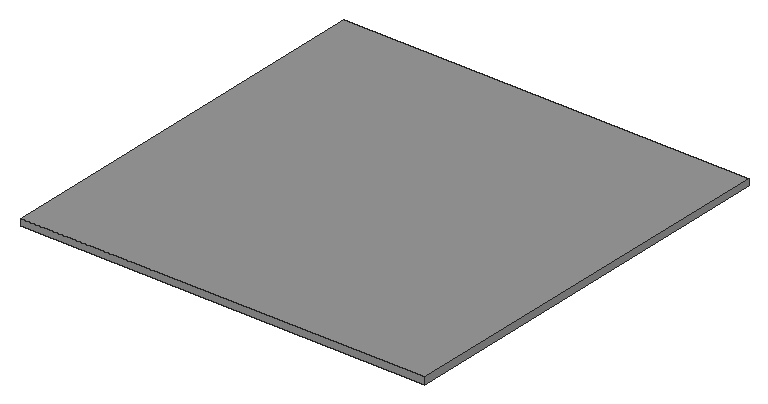
Revit family "VOY1_63_UN_Inlay LED_ETK", category Lighting Fixtures, Revit 2017
Family settings
  Round Connector Dimension = Use Diameter
  Part Type = Normal
  OmniClass Number = 23.80.70.11.14.11
  OmniClass Title = Downlights
  Work Plane-Based = No
  Always vertical = Yes
  Cut with Voids When Loaded = No
  Light Source = No
  Shared = No
  Room Calculation Point = Yes
Parameters (values of type "VOY.1213.10 - 34W / 3800lm / 4000K")
  Wattage Comments = "34W"
  Voltage = 230 V
  URL = "https://www.etk.nl/media/wysiwyg/files/VOY.1.pdf"
  Symbol_Emergency Lighting [instance] = no
  Switch Code [instance] = ""
  Model = "VOY.1"
  Manufacturer = "ETK licht B.V."
  Luminaire_Body_Material = PPS Plastic
  Luminaire Code [instance] = ""
  Light Source = VOY.1 - Lightsource : VOY.1213.10 - 34W / 3800lm / 4000K
  Lamp = "LED"
  IfcExportType = "USERDEFINED"
  IfcExportAs = "IfcLightFixtureType"
  Description = "Recessed/inlay LED"
  Copyright © IVLighting = "www.ivlighting.nl"
  Bundle = "85°"
  Assembly Code = "63.0"
  Apparent Load = 34 VA
Types (5, lengths in mm): name | Light Source
  (no name) | VOY.1 - Lightsource : VOY.1213.10 - 34W / 3800lm / 4000K
  VOY.1110.10 - 34W / 3700lm / 3000K | VOY.1 - Lightsource : VOY.1110.10 - 34W / 3700lm / 3000K
  VOY.1113.10 - 34W / 3700lm / 3000K | VOY.1 - Lightsource : VOY.1113.10 - 34W / 3700lm / 3000K
  VOY.1210.10 - 34W / 3800lm / 4000K | VOY.1 - Lightsource : VOY.1210.10 - 34W / 3800lm / 4000K
  VOY.1213.10 - 34W / 3800lm / 4000K | VOY.1 - Lightsource : VOY.1213.10 - 34W / 3800lm / 4000K
Reference planes
  plane 1 "Center (Front/Back)": y = 0
  plane 2: z = 0
  plane 3 "Center (Left/Right)": x = 0
  plane 4: y = 297.5
  plane 5: x = 297.5
  plane 6: y = -297.5
  plane 7: x = -297.5
  plane 8: z = 10
Forms (mm)
  Revolve 1, solid, material "PPS Plastic", not visible
    sketch origin (0, 0, 0) x (1, 0, 0) y (0, 0, 1)
      loop
        line (-108.916, 0) -> (-108.916, -4.099)
        arc (-108.916, -4.099) -> (-108.406, -4.931) -> (-107.486, -5.258) r 1.461
        line (-107.486, -5.258) -> (-97.804, -5.258) -> (-97.804, 0) -> (-108.916, 0)
      axis (0, 0) -> (0, -5.258)
    angle from 0 to 360
  Revolve 2, solid, material "PPS Plastic" <- "Luminaire_Body_Material", not visible
    sketch origin (0, 0, 0) x (1, 0, 0) y (0, 0, 1)
      loop
        line (-98.741, 0) -> (-97.8, 0) -> (-97.8, 10.593) -> (-90.959, 10.593) -> (-90.959, 14.711) -> (-83.412, 14.711) -> (-83.412, 30.415)
        arc (-83.412, 30.415) -> (-77.825, 42.741) -> (-69.855, 53.677) r 66.418
        line (-69.855, 53.677) -> (-69.855, 60.129) -> (-63.553, 60.129) -> (0, 60.129) -> (0, 61.129) -> (-63.553, 61.129) -> (-69.836, 61.129)
        arc (-69.836, 61.129) -> (-70.557, 60.83) -> (-70.855, 60.109) r 1.02
        line (-70.855, 60.109) -> (-70.855, 54.484)
        arc (-70.855, 54.484) -> (-70.927, 54.088) -> (-71.134, 53.743) r 1.124
        arc (-71.134, 53.743) -> (-77.774, 44.767) -> (-82.842, 34.818) r 67.418
        arc (-82.842, 34.818) -> (-84.016, 30.901) -> (-84.412, 26.83) r 21.103
        line (-84.412, 26.83) -> (-84.412, 16.663)
        arc (-84.412, 16.663) -> (-84.691, 15.989) -> (-85.364, 15.711) r 0.952
        line (-85.364, 15.711) -> (-91.959, 15.711) -> (-91.959, 12.616)
        arc (-91.959, 12.616) -> (-92.258, 11.893) -> (-92.981, 11.593) r 1.022
        line (-92.981, 11.593) -> (-97.697, 11.593)
        arc (-97.697, 11.593) -> (-98.435, 11.287) -> (-98.741, 10.549) r 1.045
        line (-98.741, 10.549) -> (-98.741, 0)
      axis (0, 61.129) -> (0, 0)
    angle from 0 to 360
  Revolve 3, solid, material "PPS Plastic" <- "Luminaire_Body_Material", not visible
    sketch origin (0, 0, 0) x (1, 0, 0) y (0, 0, 1)
      loop
        arc (-36.339, 86.471) -> (-49.965, 76.024) -> (-61.793, 63.579) r 109.701
        arc (-61.793, 63.579) -> (-62.487, 62.326) -> (-62.707, 60.91) r 4.094
        line (-62.707, 60.91) -> (0, 60.91) -> (0, 86.471) -> (-36.339, 86.471)
      axis (0, 86.471) -> (0, 60.91)
    angle from 0 to 360
  Extrusion 4, solid, material "PPS Plastic" <- "Luminaire_Body_Material", not visible
    sketch origin (0, 0, 0) x (1, 0, 0) y (0, 1, 0)
      loop
        circle (0, 0) r 45
    from 86.471 to 87.3
  Extrusion 5, solid, material "UHMW, Black", not visible
    sketch origin (0, 0, 195.137) x (-1, 0, 0) y (0, -1, 0)
      loop
        line (-0.938, -10.632) -> (-0.938, -44.99)
        arc (-0.938, -44.99) -> (0, -45) -> (0.938, -44.99) r 45
        line (0.938, -44.99) -> (0.938, -10.681)
        arc (0.938, -10.681) -> (0, -10.671) -> (-0.938, -10.632) r 29.304
    from -107.837 to -82.548
  Extrusion 6, solid, material "UHMW, Black", not visible
    sketch origin (0, 0, 195.137) x (-0.978148, -0.207912, 0) y (0.207912, -0.978148, 0)
      loop
        line (-0.938, -10.632) -> (-0.938, -44.99)
        arc (-0.938, -44.99) -> (0, -45) -> (0.938, -44.99) r 45
        line (0.938, -44.99) -> (0.938, -10.681)
        arc (0.938, -10.681) -> (0, -10.671) -> (-0.938, -10.632) r 29.304
    from -107.837 to -82.548
  Extrusion 7, solid, material "UHMW, Black", not visible
    sketch origin (0, 0, 195.137) x (-0.978148, 0.207912, 0) y (-0.207912, -0.978148, 0)
      loop
        line (-0.938, -10.632) -> (-0.938, -44.99)
        arc (-0.938, -44.99) -> (0, -45) -> (0.938, -44.99) r 45
        line (0.938, -44.99) -> (0.938, -10.681)
        arc (0.938, -10.681) -> (0, -10.671) -> (-0.938, -10.632) r 29.304
    from -107.837 to -82.548
  Extrusion 8, solid, material "UHMW, Black", not visible
    sketch origin (0, 0, 195.137) x (-0.913545, 0.406737, 0) y (-0.406737, -0.913545, 0)
      loop
        line (-0.938, -10.632) -> (-0.938, -44.99)
        arc (-0.938, -44.99) -> (0, -45) -> (0.938, -44.99) r 45
        line (0.938, -44.99) -> (0.938, -10.681)
        arc (0.938, -10.681) -> (0, -10.671) -> (-0.938, -10.632) r 29.304
    from -107.837 to -82.548
  Extrusion 9, solid, material "UHMW, Black", not visible
    sketch origin (0, 0, 195.137) x (-0.809017, 0.587785, 0) y (-0.587785, -0.809017, 0)
      loop
        line (-0.938, -10.632) -> (-0.938, -44.99)
        arc (-0.938, -44.99) -> (0, -45) -> (0.938, -44.99) r 45
        line (0.938, -44.99) -> (0.938, -10.681)
        arc (0.938, -10.681) -> (0, -10.671) -> (-0.938, -10.632) r 29.304
    from -107.837 to -82.548
  Extrusion 10, solid, material "UHMW, Black", not visible
    sketch origin (0, 0, 195.137) x (-0.669131, 0.743145, 0) y (-0.743145, -0.669131, 0)
      loop
        line (-0.938, -10.632) -> (-0.938, -44.99)
        arc (-0.938, -44.99) -> (0, -45) -> (0.938, -44.99) r 45
        line (0.938, -44.99) -> (0.938, -10.681)
        arc (0.938, -10.681) -> (0, -10.671) -> (-0.938, -10.632) r 29.304
    from -107.837 to -82.548
  Extrusion 11, solid, material "UHMW, Black", not visible
    sketch origin (0, 0, 195.137) x (-0.5, 0.866025, 0) y (-0.866025, -0.5, 0)
      loop
        line (-0.938, -10.632) -> (-0.938, -44.99)
        arc (-0.938, -44.99) -> (0, -45) -> (0.938, -44.99) r 45
        line (0.938, -44.99) -> (0.938, -10.681)
        arc (0.938, -10.681) -> (0, -10.671) -> (-0.938, -10.632) r 29.304
    from -107.837 to -82.548
  Extrusion 12, solid, material "UHMW, Black", not visible
    sketch origin (0, 0, 195.137) x (-0.309017, 0.951057, 0) y (-0.951057, -0.309017, 0)
      loop
        line (-0.938, -10.632) -> (-0.938, -44.99)
        arc (-0.938, -44.99) -> (0, -45) -> (0.938, -44.99) r 45
        line (0.938, -44.99) -> (0.938, -10.681)
        arc (0.938, -10.681) -> (0, -10.671) -> (-0.938, -10.632) r 29.304
    from -107.837 to -82.548
  Extrusion 13, solid, material "UHMW, Black", not visible
    sketch origin (0, 0, 195.137) x (-0.104528, 0.994522, 0) y (-0.994522, -0.104528, 0)
      loop
        line (-0.938, -10.632) -> (-0.938, -44.99)
        arc (-0.938, -44.99) -> (0, -45) -> (0.938, -44.99) r 45
        line (0.938, -44.99) -> (0.938, -10.681)
        arc (0.938, -10.681) -> (0, -10.671) -> (-0.938, -10.632) r 29.304
    from -107.837 to -82.548
  Extrusion 14, solid, material "UHMW, Black", not visible
    sketch origin (0, 0, 195.137) x (0.104528, 0.994522, 0) y (-0.994522, 0.104528, 0)
      loop
        line (-0.938, -10.632) -> (-0.938, -44.99)
        arc (-0.938, -44.99) -> (0, -45) -> (0.938, -44.99) r 45
        line (0.938, -44.99) -> (0.938, -10.681)
        arc (0.938, -10.681) -> (0, -10.671) -> (-0.938, -10.632) r 29.304
    from -107.837 to -82.548
  Extrusion 15, solid, material "UHMW, Black", not visible
    sketch origin (0, 0, 195.137) x (0.309017, 0.951057, 0) y (-0.951057, 0.309017, 0)
      loop
        line (-0.938, -10.632) -> (-0.938, -44.99)
        arc (-0.938, -44.99) -> (0, -45) -> (0.938, -44.99) r 45
        line (0.938, -44.99) -> (0.938, -10.681)
        arc (0.938, -10.681) -> (0, -10.671) -> (-0.938, -10.632) r 29.304
    from -107.837 to -82.548
  Extrusion 16, solid, material "UHMW, Black", not visible
    sketch origin (0, 0, 195.137) x (0.5, 0.866025, 0) y (-0.866025, 0.5, 0)
      loop
        line (-0.938, -10.632) -> (-0.938, -44.99)
        arc (-0.938, -44.99) -> (0, -45) -> (0.938, -44.99) r 45
        line (0.938, -44.99) -> (0.938, -10.681)
        arc (0.938, -10.681) -> (0, -10.671) -> (-0.938, -10.632) r 29.304
    from -107.837 to -82.548
  Extrusion 17, solid, material "UHMW, Black", not visible
    sketch origin (0, 0, 195.137) x (0.669131, 0.743145, 0) y (-0.743145, 0.669131, 0)
      loop
        line (-0.938, -10.632) -> (-0.938, -44.99)
        arc (-0.938, -44.99) -> (0, -45) -> (0.938, -44.99) r 45
        line (0.938, -44.99) -> (0.938, -10.681)
        arc (0.938, -10.681) -> (0, -10.671) -> (-0.938, -10.632) r 29.304
    from -107.837 to -82.548
  Extrusion 18, solid, material "UHMW, Black", not visible
    sketch origin (0, 0, 195.137) x (0.809017, 0.587785, 0) y (-0.587785, 0.809017, 0)
      loop
        line (-0.938, -10.632) -> (-0.938, -44.99)
        arc (-0.938, -44.99) -> (0, -45) -> (0.938, -44.99) r 45
        line (0.938, -44.99) -> (0.938, -10.681)
        arc (0.938, -10.681) -> (0, -10.671) -> (-0.938, -10.632) r 29.304
    from -107.837 to -82.548
  Extrusion 19, solid, material "UHMW, Black", not visible
    sketch origin (0, 0, 195.137) x (0.913545, 0.406737, 0) y (-0.406737, 0.913545, 0)
      loop
        line (-0.938, -10.632) -> (-0.938, -44.99)
        arc (-0.938, -44.99) -> (0, -45) -> (0.938, -44.99) r 45
        line (0.938, -44.99) -> (0.938, -10.681)
        arc (0.938, -10.681) -> (0, -10.671) -> (-0.938, -10.632) r 29.304
    from -107.837 to -82.548
  Extrusion 20, solid, material "UHMW, Black", not visible
    sketch origin (0, 0, 195.137) x (0.978148, 0.207912, 0) y (-0.207912, 0.978148, 0)
      loop
        line (-0.938, -10.632) -> (-0.938, -44.99)
        arc (-0.938, -44.99) -> (0, -45) -> (0.938, -44.99) r 45
        line (0.938, -44.99) -> (0.938, -10.681)
        arc (0.938, -10.681) -> (0, -10.671) -> (-0.938, -10.632) r 29.304
    from -107.837 to -82.548
  Extrusion 21, solid, material "UHMW, Black", not visible
    sketch origin (0, 0, 195.137) x (1, 0, 0) y (0, 1, 0)
      loop
        line (-0.938, -10.632) -> (-0.938, -44.99)
        arc (-0.938, -44.99) -> (0, -45) -> (0.938, -44.99) r 45
        line (0.938, -44.99) -> (0.938, -10.681)
        arc (0.938, -10.681) -> (0, -10.671) -> (-0.938, -10.632) r 29.304
    from -107.837 to -82.548
  Extrusion 22, solid, material "UHMW, Black", not visible
    sketch origin (0, 0, 195.137) x (0.978148, -0.207912, 0) y (0.207912, 0.978148, 0)
      loop
        line (-0.938, -10.632) -> (-0.938, -44.99)
        arc (-0.938, -44.99) -> (0, -45) -> (0.938, -44.99) r 45
        line (0.938, -44.99) -> (0.938, -10.681)
        arc (0.938, -10.681) -> (0, -10.671) -> (-0.938, -10.632) r 29.304
    from -107.837 to -82.548
  Extrusion 23, solid, material "UHMW, Black", not visible
    sketch origin (0, 0, 195.137) x (0.913545, -0.406737, 0) y (0.406737, 0.913545, 0)
      loop
        line (-0.938, -10.632) -> (-0.938, -44.99)
        arc (-0.938, -44.99) -> (0, -45) -> (0.938, -44.99) r 45
        line (0.938, -44.99) -> (0.938, -10.681)
        arc (0.938, -10.681) -> (0, -10.671) -> (-0.938, -10.632) r 29.304
    from -107.837 to -82.548
  Extrusion 24, solid, material "UHMW, Black", not visible
    sketch origin (0, 0, 195.137) x (0.809017, -0.587785, 0) y (0.587785, 0.809017, 0)
      loop
        line (-0.938, -10.632) -> (-0.938, -44.99)
        arc (-0.938, -44.99) -> (0, -45) -> (0.938, -44.99) r 45
        line (0.938, -44.99) -> (0.938, -10.681)
        arc (0.938, -10.681) -> (0, -10.671) -> (-0.938, -10.632) r 29.304
    from -107.837 to -82.548
  Extrusion 25, solid, material "UHMW, Black", not visible
    sketch origin (0, 0, 195.137) x (0.669131, -0.743145, 0) y (0.743145, 0.669131, 0)
      loop
        line (-0.938, -10.632) -> (-0.938, -44.99)
        arc (-0.938, -44.99) -> (0, -45) -> (0.938, -44.99) r 45
        line (0.938, -44.99) -> (0.938, -10.681)
        arc (0.938, -10.681) -> (0, -10.671) -> (-0.938, -10.632) r 29.304
    from -107.837 to -82.548
  Extrusion 26, solid, material "UHMW, Black", not visible
    sketch origin (0, 0, 195.137) x (0.5, -0.866025, 0) y (0.866025, 0.5, 0)
      loop
        line (-0.938, -10.632) -> (-0.938, -44.99)
        arc (-0.938, -44.99) -> (0, -45) -> (0.938, -44.99) r 45
        line (0.938, -44.99) -> (0.938, -10.681)
        arc (0.938, -10.681) -> (0, -10.671) -> (-0.938, -10.632) r 29.304
    from -107.837 to -82.548
  Extrusion 27, solid, material "UHMW, Black", not visible
    sketch origin (0, 0, 195.137) x (0.309017, -0.951057, 0) y (0.951057, 0.309017, 0)
      loop
        line (-0.938, -10.632) -> (-0.938, -44.99)
        arc (-0.938, -44.99) -> (0, -45) -> (0.938, -44.99) r 45
        line (0.938, -44.99) -> (0.938, -10.681)
        arc (0.938, -10.681) -> (0, -10.671) -> (-0.938, -10.632) r 29.304
    from -107.837 to -82.548
  Extrusion 28, solid, material "UHMW, Black", not visible
    sketch origin (0, 0, 195.137) x (0.104528, -0.994522, 0) y (0.994522, 0.104528, 0)
      loop
        line (-0.938, -10.632) -> (-0.938, -44.99)
        arc (-0.938, -44.99) -> (0, -45) -> (0.938, -44.99) r 45
        line (0.938, -44.99) -> (0.938, -10.681)
        arc (0.938, -10.681) -> (0, -10.671) -> (-0.938, -10.632) r 29.304
    from -107.837 to -82.548
  Extrusion 29, solid, material "UHMW, Black", not visible
    sketch origin (0, 0, 195.137) x (-0.104528, -0.994522, 0) y (0.994522, -0.104528, 0)
      loop
        line (-0.938, -10.632) -> (-0.938, -44.99)
        arc (-0.938, -44.99) -> (0, -45) -> (0.938, -44.99) r 45
        line (0.938, -44.99) -> (0.938, -10.681)
        arc (0.938, -10.681) -> (0, -10.671) -> (-0.938, -10.632) r 29.304
    from -107.837 to -82.548
  Extrusion 30, solid, material "UHMW, Black", not visible
    sketch origin (0, 0, 195.137) x (-0.309017, -0.951057, 0) y (0.951057, -0.309017, 0)
      loop
        line (-0.938, -10.632) -> (-0.938, -44.99)
        arc (-0.938, -44.99) -> (0, -45) -> (0.938, -44.99) r 45
        line (0.938, -44.99) -> (0.938, -10.681)
        arc (0.938, -10.681) -> (0, -10.671) -> (-0.938, -10.632) r 29.304
    from -107.837 to -82.548
  Extrusion 31, solid, material "UHMW, Black", not visible
    sketch origin (0, 0, 195.137) x (-0.5, -0.866025, 0) y (0.866025, -0.5, 0)
      loop
        line (-0.938, -10.632) -> (-0.938, -44.99)
        arc (-0.938, -44.99) -> (0, -45) -> (0.938, -44.99) r 45
        line (0.938, -44.99) -> (0.938, -10.681)
        arc (0.938, -10.681) -> (0, -10.671) -> (-0.938, -10.632) r 29.304
    from -107.837 to -82.548
  Extrusion 32, solid, material "UHMW, Black", not visible
    sketch origin (0, 0, 195.137) x (-0.669131, -0.743145, 0) y (0.743145, -0.669131, 0)
      loop
        line (-0.938, -10.632) -> (-0.938, -44.99)
        arc (-0.938, -44.99) -> (0, -45) -> (0.938, -44.99) r 45
        line (0.938, -44.99) -> (0.938, -10.681)
        arc (0.938, -10.681) -> (0, -10.671) -> (-0.938, -10.632) r 29.304
    from -107.837 to -82.548
  Extrusion 33, solid, material "UHMW, Black", not visible
    sketch origin (0, 0, 195.137) x (-0.809017, -0.587785, 0) y (0.587785, -0.809017, 0)
      loop
        line (-0.938, -10.632) -> (-0.938, -44.99)
        arc (-0.938, -44.99) -> (0, -45) -> (0.938, -44.99) r 45
        line (0.938, -44.99) -> (0.938, -10.681)
        arc (0.938, -10.681) -> (0, -10.671) -> (-0.938, -10.632) r 29.304
    from -107.837 to -82.548
  Extrusion 34, solid, material "UHMW, Black", not visible
    sketch origin (0, 0, 195.137) x (-0.913545, -0.406737, 0) y (0.406737, -0.913545, 0)
      loop
        line (-0.938, -10.632) -> (-0.938, -44.99)
        arc (-0.938, -44.99) -> (0, -45) -> (0.938, -44.99) r 45
        line (0.938, -44.99) -> (0.938, -10.681)
        arc (0.938, -10.681) -> (0, -10.671) -> (-0.938, -10.632) r 29.304
    from -107.837 to -82.548
  Extrusion 35, solid, material "PPS Plastic" <- "Luminaire_Body_Material", not visible
    sketch origin (0.938, 0, 0) x (1, 0, 0) y (0, 0, 1)
      loop
        line (-90.709, 14.711) -> (-89.709, 14.711) -> (-89.709, 47.263)
        arc (-89.709, 47.263) -> (-89.547, 48.318) -> (-89.074, 49.276) r 3.51
        line (-89.074, 49.276) -> (-63.792, 85.382)
        arc (-63.792, 85.382) -> (-62.879, 86.183) -> (-61.7, 86.471) r 2.554
        line (-61.7, 86.471) -> (-36.836, 86.471) -> (-36.836, 87.3) -> (-62.068, 87.3)
        arc (-62.068, 87.3) -> (-63.489, 86.952) -> (-64.589, 85.988) r 3.078
        line (-64.589, 85.988) -> (-90.082, 49.58)
        arc (-90.082, 49.58) -> (-90.549, 48.634) -> (-90.709, 47.591) r 3.468
        line (-90.709, 47.591) -> (-90.709, 14.711)
    from -18.722 to 17.678
  Extrusion 36, solid, material "PPS Plastic" <- "Luminaire_Body_Material", not visible
    sketch origin (-0.938, 0, 0) x (-1, 0, 0) y (0, 0, -1)
      loop
        line (-90.709, -14.711) -> (-90.709, -47.591)
        arc (-90.709, -47.591) -> (-90.549, -48.634) -> (-90.082, -49.58) r 3.468
        line (-90.082, -49.58) -> (-64.589, -85.988)
        arc (-64.589, -85.988) -> (-63.489, -86.952) -> (-62.068, -87.3) r 3.078
        line (-62.068, -87.3) -> (-36.836, -87.3) -> (-36.836, -86.471) -> (-61.7, -86.471)
        arc (-61.7, -86.471) -> (-62.879, -86.183) -> (-63.792, -85.382) r 2.554
        line (-63.792, -85.382) -> (-89.074, -49.276)
        arc (-89.074, -49.276) -> (-89.547, -48.318) -> (-89.709, -47.263) r 3.51
        line (-89.709, -47.263) -> (-89.709, -14.711) -> (-90.709, -14.711)
    from -18.722 to 17.678
  Revolve 37, solid, material "PPS Plastic", not visible
    sketch origin (0, 0, 0) x (1, 0, 0) y (0, 0, 1)
      loop
        arc (-61.908, 31.25) -> (-81.159, 16.629) -> (-98.212, -0.504) r 175.119
        line (-98.212, -0.504) -> (-98.212, -1.729)
        arc (-98.212, -1.729) -> (-81.093, 15.622) -> (-61.721, 30.415) r 174.319
        line (-61.721, 30.415) -> (0, 30.415) -> (0, 31.25) -> (-61.908, 31.25)
      axis (0, 31.25) -> (0, -1.729)
    angle from 0 to 360
  Revolve 38, solid, material "Glass, White, High Luminance", not visible
    sketch origin (0, 0, 0) x (1, 0, 0) y (0, 0, 1)
      loop
        line (-63.082, 29.507) -> (0, 29.507) -> (0, 30.415) -> (-61.721, 30.415)
        arc (-61.721, 30.415) -> (-62.416, 29.983) -> (-63.082, 29.507) r 12.642
      axis (0, 30.415) -> (0, 29.415)
    angle from 0 to 360
  Extrusion 39, solid, material "PPS Plastic" <- "Luminaire_Body_Material"
    sketch origin (0, 0, 0) x (1, 0, 0) y (0, 1, 0)
      loop
        line (-297.5, 297.5) -> (-297.5, -297.5) -> (297.5, -297.5) -> (297.5, 297.5) -> (-297.5, 297.5)
      loop
        line (-287.5, 287.5) -> (-287.5, -287.5) -> (287.5, -287.5) -> (287.5, 287.5) -> (-287.5, 287.5)
    from 0 to 10
  Extrusion 40, solid, material "Glass, White, High Luminance"
    sketch origin (0, 0, 0) x (1, 0, 0) y (0, 1, 0)
      loop
        line (-287.5, 287.5) -> (-287.5, -287.5) -> (287.5, -287.5) -> (287.5, 287.5) -> (-287.5, 287.5)
    from 0 to 6.319
  Extrusion 41, solid, material "PPS Plastic" <- "Luminaire_Body_Material"
    sketch origin (0, 0, 0) x (1, 0, 0) y (0, 1, 0)
      loop
        line (287.5, 287.5) -> (-287.5, 287.5) -> (-287.5, -287.5) -> (287.5, -287.5) -> (287.5, 287.5)
    from 8 to 10
Cuts and joins
  joined: Extrusion 39, Extrusion 41
Dimensions and locks
  plane 8 to level = 10 mm  (x2)
  aligned and locked: level to plane 2
  aligned and locked: plane 7 to Extrusion 39
  aligned and locked: plane 4 to Extrusion 39
  aligned and locked: plane 5 to Extrusion 39
  aligned and locked: plane 6 to Extrusion 39
Nested families
  nested 1: "VOY.1 Light_Symbol_IVL" at (0, 0, 0), type "VOY.1 Light_Symbol_IVL"
  nested 2: "VOY.1 - Lightsource" at (-0.163, 0, -0.312), type <- "Light Source", type "VOY.1213.10 - 34W / 3800lm / 4000K"
Connectors
  electrical at (0, 0, 10), driven by "Apparent Load", driven by "Voltage"
    settings: on cut or joined group of Extrusion 39, Extrusion 41, index 1, voltage 230 V, apparent load 0 VA, apparent load phase1 34 VA, apparent load phase2 0 VA, apparent load phase3 0 VA, power factor 1, load classification "Lighting", number of poles 1, system type 31, power factor state 1, is connector primary yes, connector utility no, sub classification motor no, connector description ""
Definition of nested family "VOY.1 Light_Symbol_IVL"
  Parameters (values of type "VOY.1 Light_Symbol_IVL")
    Symbol_Emergency Lighting = no
  Reference planes
    plane 1: y = 0
    plane 2: x = 0
  Lines and regions (mm)
    Filled region 1, type "Filled region 1", visible <- "Symbol_Emergency Lighting"
      outline origin (-2.975, 2.975, 0) x (1, 0, 0) y (0, 1, 0)
        loop
          line (0, 0) -> (0, -5.95) -> (2.975, -2.975) -> (0, 0)
    Filled region 2, type "Filled region 1", visible <- "Symbol_Emergency Lighting"
      outline origin (2.975, 2.975, 0) x (0, 1, 0) y (-1, 0, 0)
        loop
          line (0, 0) -> (-2.975, 2.975) -> (-5.95, 0) -> (0, 0)
    detail lines
      curve 1: line (-2.975, 2.975, 0) -> (2.975, 2.975, 0)
      curve 2: line (-2.975, -2.975, 0) -> (-2.975, 2.975, 0)
      curve 3: line (2.975, -2.975, 0) -> (-2.975, -2.975, 0)
      curve 4: line (2.975, 2.975, 0) -> (2.975, -2.975, 0)
Definition of nested family "VOY.1 - Lightsource"
  Parameters (values of type "VOY.1213.10 - 34W / 3800lm / 4000K")
    Wattage Comments = "34W"
    Wattage = 25.582 W
    built-in parameter 1150110 = 1 (stored number, unit not read)
    URL = "https://www.etk.nl/media/wysiwyg/files/VOY.1.pdf"
    built-in parameter 1114217 = 1 (stored number, unit not read)
    Tilt Angle = 90.00°
    built-in parameter 1150109 = 1 (stored number, unit not read)
    built-in parameter 1150134 = 12
    built-in parameter 1150113 = 1 (stored number, unit not read)
    Photometric Web File = "AMY.2100.15_LDT.ies"
    Model = "VOY.1"
    Manufacturer = "ETK B.V."
    built-in parameter 1150105 = 302.39 (stored number, unit not read)
    Lumens = 3800 lm
    built-in parameter 1150115 = 1 (stored number, unit not read)
    built-in parameter 1150137 = (empty or 0)
    built-in parameter 1150139 = (empty or 0)
    built-in parameter 1150112 = 1 (stored number, unit not read)
    built-in parameter 1150114 = 1 (stored number, unit not read)
    Lamp = "LED"
    built-in parameter 1150132 = 2
    built-in parameter 1150102 = (empty or 0)
    built-in parameter 1150107 = 4000 (stored number, unit not read)
    built-in parameter 1150138 = (empty or 0)
    built-in parameter 1150106 = 3.0239 (stored number, unit not read)
    built-in parameter 1150104 = 13.8 (stored number, unit not read)
    Dimming Lamp Color Temperature Shift = (empty or 0)
    Description = "Light sources"
    Copyright © IVLighting = "www.ivlighting.nl"
    Color Filter = 16777215
    Bundle = "85°"
    built-in parameter 1114218 = 1 (stored number, unit not read)
    built-in parameter 1150133 = 10 (stored number, unit not read)
    Assembly Code = "63.0"
    Apparent Load = 34 VA
  Types (4, lengths in mm): name | Wattage | built-in parameter 1150134 | built-in parameter 1150105 | Lumens | built-in parameter 1150107 | built-in parameter 1150106
    VOY.1110.10 - 34W / 3700lm / 3000K | 24.9088 W | (empty or 0) | 294.44 (stored number, unit not read) | 3700 lm | 3000 (stored number, unit not read) | 2.9444 (stored number, unit not read)
    VOY.1210.10 - 34W / 3800lm / 4000K | 25.582 W | 12 | 302.39 (stored number, unit not read) | 3800 lm | 4000 (stored number, unit not read) | 3.0239 (stored number, unit not read)
    VOY.1113.10 - 34W / 3700lm / 3000K | 24.9088 W | (empty or 0) | 294.44 (stored number, unit not read) | 3700 lm | 3000 (stored number, unit not read) | 2.9444 (stored number, unit not read)
    VOY.1213.10 - 34W / 3800lm / 4000K | 25.582 W | 12 | 302.39 (stored number, unit not read) | 3800 lm | 4000 (stored number, unit not read) | 3.0239 (stored number, unit not read)
  Reference planes
    plane 1 "Center (Front/Back)": y = 0
    plane 2: z = 0
    plane 3 "Center (Left/Right)": x = 0
  Dimensions and locks
    aligned and locked: level to plane 2
